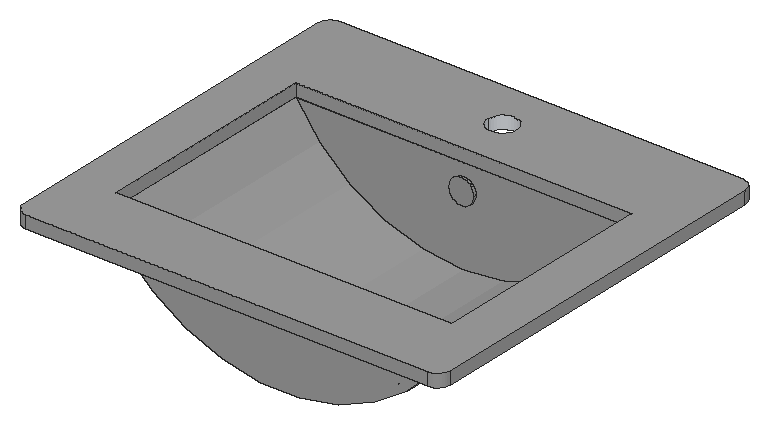
Revit family "L.DELFOS-N 50", category Plumbing Fixtures, Revit 2019
Family settings
  Round Connector Dimension = Use Diameter
  Part Type = Normal
  OmniClass Number = 23.45.00.00
  OmniClass Title = Sanitary, Laundry, and Cleaning Equipment
  Work Plane-Based = No
  Always vertical = Yes
  Cut with Voids When Loaded = No
  Shared = No
  Room Calculation Point = No
Reference planes
  plane 1 "Center (Front/Back)": y = 0
  plane 2: z = 0
  plane 3 "Center (Left/Right)": x = 0
Forms (mm)
  Extrusion 1, solid
    sketch origin (0, 0, 0) x (1, 0, 0) y (0, 0, 1)
      loop
        arc (0, 0) -> (212.5, -125) -> (425, 0) r 243.125
        line (425, 0) -> (0, 0)
    from 0 to 280
  Extrusion 2, solid
    sketch origin (0, 0, 0) x (1, 0, 0) y (0, 1, 0)
      loop
        line (-42.5, 95) -> (-42.5, -345)
        arc (-42.5, -345) -> (-38.107, -355.607) -> (-27.5, -360) r 15
        line (-27.5, -360) -> (452.5, -360)
        arc (452.5, -360) -> (463.107, -355.607) -> (467.5, -345) r 15
        line (467.5, -345) -> (467.5, 95)
        arc (467.5, 95) -> (463.107, 105.607) -> (452.5, 110) r 15
        line (452.5, 110) -> (-27.5, 110)
        arc (-27.5, 110) -> (-38.107, 105.607) -> (-42.5, 95) r 15
      loop
        line (11.518, -6.488) -> (11.518, -274.794) -> (413.482, -274.794) -> (413.482, -6.488) -> (11.518, -6.488)
    from 0 to 15
  Extrusion 3, void
    sketch origin (0, 0, 0) x (1, 0, 0) y (0, 0, 1)
      loop
        arc (11.518, 0) -> (212.5, -115) -> (413.482, 0) r 233.125
        line (413.482, 0) -> (11.518, 0)
    from 6.488 to 274.794
  Extrusion 4, void
    sketch origin (0, 0, 0) x (1, 0, 0) y (0, 1, 0)
      loop
        circle (212.5, 51.756) r 17.5
    from 0 to 15
  Extrusion 5, solid
    sketch origin (0, 0, 0) x (1, 0, 0) y (0, 1, 0)
      loop
        circle (212.5, -125) r 25
    from -150.73 to -123.393
  Extrusion 6, solid
    sketch origin (0, 0, 0) x (1, 0, 0) y (0, 0, 1)
      loop
        circle (212.5, -30) r 15
    from 6.488 to 9.421
Cuts and joins
  Extrusion 3 cuts Extrusion 1
  Extrusion 3, Extrusion 4 cuts Extrusion 2
Dimensions and locks
  aligned and locked: level to plane 2
